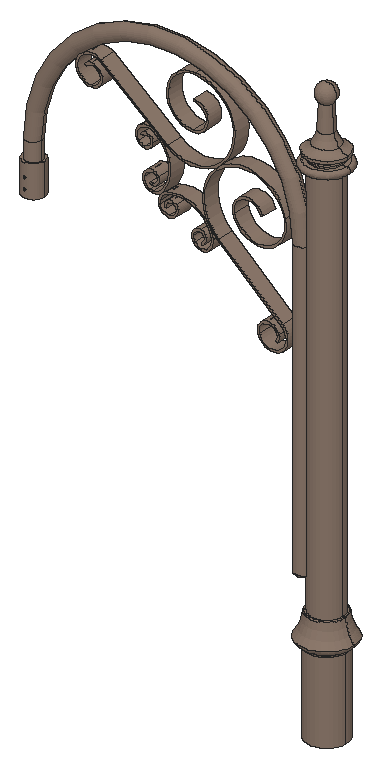
Revit family "PA191", category Generic Models, Revit 2014
Parameters
  TOP CAP = Bronze, Architectural
  SCROLL = Bronze, Architectural
  OUTLET = Bronze, Architectural
  LOWER CROWN = Bronze, Architectural
  END CAP = Bronze, Architectural
  CANDY CANE = Bronze, Architectural
  BODY = Bronze, Architectural
  BASE = Bronze, Architectural
Reference planes (in)
  plane 1 "Center (Front/Back)": y = 0
  plane 2: z = 0
  plane 3 "Center (Left/Right)": x = 0
  plane 4: y = 0.75
  plane 5: y = -0.75
Forms (in)
  Revolve 1, solid, material "Bronze, Architectural" <- "BASE"
    sketch origin (0, 0, 3.5) x (1, 0, 0) y (0, 0, 1)
      loop
        line (-1.9375, 4.5) -> (-1.9375, 4.3125)
        arc (-1.9375, 4.3125) -> (-1.91919, 4.26831) -> (-1.875, 4.25) r 0.0625
        arc (-1.875, 4.25) -> (-1.83081, 4.23169) -> (-1.8125, 4.1875) r 0.0625
        line (-1.8125, 4.1875) -> (-1.8125, -3.5002) -> (0, -3.5002) -> (0, 4.5) -> (-1.9375, 4.5)
      axis (0, 4.5) -> (0, -3.5002)
    angle from 0 to 360
  Revolve 2, solid, material "Bronze, Architectural" <- "LOWER CROWN"
    sketch origin (0, 0, 3.5) x (1, 0, 0) y (0, 0, 1)
      loop
        arc (-1.69079, 7.125) -> (-1.73224, 7.10932) -> (-1.75293, 7.07014) r 0.06263
        arc (-1.75293, 7.07014) -> (-1.99287, 5.97282) -> (-2.5544, 5) r 3.65854
        arc (-2.5544, 5) -> (-2.33454, 4.6407) -> (-1.9375, 4.5) r 0.63056
        line (-1.9375, 4.5) -> (0, 4.5) -> (0, 5) -> (0, 7.125) -> (-1.69079, 7.125)
      axis (0, 7.125) -> (0, 4.5)
    angle from 0 to 360
  Revolve 3, solid, material "Bronze, Architectural" <- "BODY"
    sketch origin (0, 0, 3.5) x (1, 0, 0) y (0, 0, 1)
      loop
        line (0, 44.41965) -> (-1.5, 44.41965) -> (-1.5, 7.125) -> (0, 7.125) -> (0, 44.41965)
      axis (0, 7.125) -> (0, 44.41965)
    angle from 0 to 360
  Revolve 4, solid, material "Bronze, Architectural" <- "TOP CAP"
    sketch origin (0, 0, 3.5) x (1, 0, 0) y (0, 0, 1)
      loop
        line (0, 44.41965) -> (0, 45.29465) -> (-1.325, 45.29465)
        arc (-1.325, 45.29465) -> (-1.41339, 45.25803) -> (-1.45, 45.16965) r 0.125
        line (-1.45, 45.16965) -> (-1.45, 45.04465) -> (-1.875, 45.04465)
        arc (-1.875, 45.04465) -> (-2.1875, 44.73215) -> (-1.875, 44.41965) r 0.3125
        line (-1.875, 44.41965) -> (0, 44.41965)
      axis (0, 45.29465) -> (0, 44.41965)
    angle from 0 to 360
  Revolve 5, solid, material "Bronze, Architectural" <- "TOP CAP"
    sketch origin (0, 0, 3.5) x (1, 0, 0) y (0, 0, 1)
      loop
        line (0, 45.66965) -> (-1.9375, 45.66965)
        arc (-1.9375, 45.66965) -> (-1.57841, 45.56845) -> (-1.325, 45.29465) r 0.68771
        line (-1.325, 45.29465) -> (0, 45.29465) -> (0, 45.66965)
      axis (0, 45.66965) -> (0, 45.29465)
    angle from 0 to 360
  Revolve 6, solid, material "Bronze, Architectural" <- "TOP CAP"
    sketch origin (0, 0, 3.5) x (1, 0, 0) y (0, 0, 1)
      loop
        arc (-0.5625, 49.91965) -> (-0.58584, 48.71191) -> (-0.70412, 47.50975) r 15.34389
        arc (-0.70412, 47.50975) -> (-0.88992, 46.94574) -> (-1.16656, 46.4203) r 3.57294
        arc (-1.16656, 46.4203) -> (-1.49776, 46.0864) -> (-1.9375, 45.91965) r 1.10976
        line (-1.9375, 45.91965) -> (-1.9375, 45.66965) -> (0, 45.66965) -> (0, 49.91965) -> (-0.5625, 49.91965)
      axis (0, 49.91965) -> (0, 45.66965)
    angle from 0 to 360
  Revolve 7, solid, material "Bronze, Architectural" <- "TOP CAP"
    sketch origin (0, 0, 3.5) x (1, 0, 0) y (0, 0, 1)
      loop
        arc (0, 51.52221) -> (-0.90282, 50.61939) -> (0, 49.71656) r 0.90282
        line (0, 49.71656) -> (0, 51.52221)
      axis (0, 51.52221) -> (0, 49.71656)
    angle from 0 to 360
  Revolve 8, solid, material "Bronze, Architectural" <- "END CAP"
    sketch origin (0, 0, 3.5) x (1, 0, 0) y (0, 0, 1)
      loop
        arc (-3, 9.59631) -> (-2.67291, 9.30889) -> (-2.25, 9.20526) r 0.91474
        line (-2.25, 9.20526) -> (-2.25, 9.59631) -> (-3, 9.59631)
      axis (-2.25, 9.59631) -> (-2.25, 9.20526)
    angle from 0 to 360
  Revolve 9, solid, material "Bronze, Architectural" <- "CANDY CANE"
    sketch origin (0, 0, 3.5) x (1, 0, 0) y (0, 0, 1)
      loop
        line (-2.25, 37.23215) -> (-3, 37.23215) -> (-3, 9.59631) -> (-2.25, 9.59631) -> (-2.25, 37.23215)
      axis (-2.25, 9.59631) -> (-2.25, 37.23215)
    angle from 0 to 360
  Revolve 10, solid, material "Bronze, Architectural" <- "CANDY CANE"
    sketch origin (0, 0, 3.5) x (1, 0, 0) y (0, 0, 1)
      loop
        line (-27.5, 37.23215) -> (-28.25, 37.23215) -> (-28.25, 35.52466) -> (-27.5, 35.52466) -> (-27.5, 37.23215)
      axis (-27.5, 35.52466) -> (-27.5, 37.23215)
    angle from 0 to 360
  SweptBlend 11, solid, material "Bronze, Architectural" <- "CANDY CANE"
    path origin (0, 0, 3.5) x (1, 0, 0) y (0, 0, 1)
      loop
        arc (-2.25, 37.23215) -> (-14.875, 49.85715) -> (-27.5, 37.23215) r 12.625
    profile origin (-2.25, 0, 40.73215) x (-1, 0, 0) y (0, -1, 0)
      loop
        circle (0, 0) r 0.75
    end profile origin (-27.5, 0, 40.73215) x (0, -1, 0) y (1, 0, 0)
      loop
        circle (0, 0) r 0.75
  Extrusion 12, solid, material "Bronze, Architectural" <- "SCROLL"
    sketch origin (0, 0, 3.5) x (1, 0, 0) y (0, 0, 1)
      loop
        arc (-4.00957, 28.49259) -> (-3.85709, 28.82237) -> (-3.86226, 29.18567) r 0.81903
        arc (-3.86226, 29.18567) -> (-5.11253, 29.94793) -> (-5.8748, 28.69766) r 1.03543
        arc (-5.8748, 28.69766) -> (-3.67797, 27.81127) -> (-3.54653, 30.17653) r 1.45678
        line (-3.54653, 30.17653) -> (-9.52034, 35.34725)
        arc (-9.52034, 35.34725) -> (-9.0589, 41.46419) -> (-3.37702, 39.15203) r 3.79533
        arc (-3.37702, 39.15203) -> (-5.10999, 36.27446) -> (-7.98756, 38.00743) r 2.37525
        arc (-7.98756, 38.00743) -> (-7.08957, 39.49854) -> (-5.59845, 38.60054) r 1.23081
        line (-5.59845, 38.60054) -> (-5.41648, 38.64572)
        arc (-5.41648, 38.64572) -> (-7.13474, 39.68051) -> (-8.16954, 37.96225) r 1.41831
        arc (-8.16954, 37.96225) -> (-5.06481, 36.09248) -> (-3.19505, 39.19721) r 2.56275
        arc (-3.19505, 39.19721) -> (-9.15695, 41.624) -> (-9.64305, 35.20548) r 3.98283
        line (-9.64305, 35.20548) -> (-3.59305, 29.96881)
        arc (-3.59305, 29.96881) -> (-3.81692, 27.94786) -> (-5.6912, 28.7362) r 1.26891
        arc (-5.6912, 28.7362) -> (-5.07255, 29.76345) -> (-4.04529, 29.14481) r 0.84793
        arc (-4.04529, 29.14481) -> (-4.04013, 28.86303) -> (-4.15807, 28.60707) r 0.6315
        line (-4.15807, 28.60707) -> (-4.00957, 28.49259)
    from -0.75 to 0.75
  Extrusion 13, solid, material "Bronze, Architectural" <- "SCROLL"
    sketch origin (0, 0, 3.5) x (1, 0, 0) y (0, 0, 1)
      loop
        arc (-11.09205, 34.25249) -> (-10.67563, 34.89508) -> (-11.18598, 35.46594) r 0.63078
        arc (-11.18598, 35.46594) -> (-11.73486, 35.35343) -> (-12.04479, 34.88666) r 0.73466
        arc (-12.04479, 34.88666) -> (-12.0486, 34.51288) -> (-11.91718, 34.16294) r 1.01755
        arc (-11.91718, 34.16294) -> (-11.35858, 33.78975) -> (-10.68684, 33.7976) r 1.1354
        arc (-10.68684, 33.7976) -> (-10.5156, 33.89871) -> (-10.36653, 34.03032) r 1.04891
        arc (-10.36653, 34.03032) -> (-10.08043, 34.50532) -> (-10.01344, 35.05576) r 1.32691
        arc (-10.01344, 35.05576) -> (-11.65656, 37.29981) -> (-14.42646, 37.55135) r 3.37941
        arc (-14.42646, 37.55135) -> (-15.00716, 37.05177) -> (-15.19013, 36.30792) r 1.25717
        arc (-15.19013, 36.30792) -> (-14.84616, 35.72115) -> (-14.22665, 35.44039) r 1.12343
        arc (-14.22665, 35.44039) -> (-13.85973, 35.51464) -> (-13.54422, 35.71611) r 1.02124
        arc (-13.54422, 35.71611) -> (-13.31231, 36.22643) -> (-13.50806, 36.75169) r 0.73427
        arc (-13.50806, 36.75169) -> (-14.26656, 36.87945) -> (-14.58478, 36.17918) r 0.63088
        line (-14.58478, 36.17918) -> (-14.40353, 36.22775)
        arc (-14.40353, 36.22775) -> (-14.17116, 36.71918) -> (-13.63755, 36.61535) r 0.44295
        arc (-13.63755, 36.61535) -> (-13.50214, 36.2236) -> (-13.67776, 35.84815) r 0.55161
        arc (-13.67776, 35.84815) -> (-13.93972, 35.6849) -> (-14.24362, 35.63094) r 0.81381
        arc (-14.24362, 35.63094) -> (-14.7265, 35.86706) -> (-15.01768, 36.31886) r 1.00126
        arc (-15.01768, 36.31886) -> (-15.00876, 36.48364) -> (-14.97642, 36.64546) r 1.15427
        arc (-14.97642, 36.64546) -> (-14.76063, 37.06536) -> (-14.39477, 37.36374) r 1.15427
        arc (-14.39477, 37.36374) -> (-11.77098, 37.14965) -> (-10.19903, 35.038) r 3.19421
        arc (-10.19903, 35.038) -> (-10.32051, 34.41589) -> (-10.76834, 33.96729) r 1.08706
        arc (-10.76834, 33.96729) -> (-11.29727, 33.96717) -> (-11.74577, 34.24757) r 0.95873
        arc (-11.74577, 34.24757) -> (-11.86025, 34.53526) -> (-11.86187, 34.84488) r 0.83388
        arc (-11.86187, 34.84488) -> (-11.63042, 35.19859) -> (-11.21576, 35.28069) r 0.5454
        arc (-11.21576, 35.28069) -> (-10.86262, 34.8773) -> (-11.15618, 34.42868) r 0.44338
        line (-11.15618, 34.42868) -> (-11.09205, 34.25249)
    from -0.75 to 0.75
  Extrusion 14, solid, material "Bronze, Architectural" <- "SCROLL"
    sketch origin (0, 0, 3.5) x (1, 0, 0) y (0, 0, 1)
      loop
        arc (-16.66273, 41.50337) -> (-16.13671, 41.63714) -> (-15.87252, 41.16301) r 0.44508
        arc (-15.87252, 41.16301) -> (-16.07552, 40.81452) -> (-16.46276, 40.70186) r 0.5435
        arc (-16.46276, 40.70186) -> (-16.76768, 40.7938) -> (-17.01441, 40.99518) r 0.81828
        arc (-17.01441, 40.99518) -> (-17.14567, 41.51383) -> (-16.97855, 42.02206) r 0.95873
        arc (-16.97855, 42.02206) -> (-16.86156, 42.12432) -> (-16.72815, 42.20399) r 0.86503
        arc (-16.72815, 42.20399) -> (-16.29141, 42.3157) -> (-15.84538, 42.25025) r 1.14562
        arc (-15.84538, 42.25025) -> (-14.2623, 40.12239) -> (-14.84303, 37.5346) r 3.17969
        arc (-14.84303, 37.5346) -> (-15.23438, 37.27317) -> (-15.69751, 37.18937) r 1.1562
        arc (-15.69751, 37.18937) -> (-15.85765, 37.2083) -> (-16.01166, 37.25614) r 0.88012
        arc (-16.01166, 37.25614) -> (-16.37627, 37.66305) -> (-16.45361, 38.20391) r 0.94181
        arc (-16.45361, 38.20391) -> (-16.3085, 38.47114) -> (-16.07728, 38.66864) r 0.8346
        arc (-16.07728, 38.66864) -> (-15.66157, 38.72339) -> (-15.32894, 38.46812) r 0.54776
        arc (-15.32894, 38.46812) -> (-15.39943, 37.93294) -> (-15.9346, 37.86245) r 0.44339
        line (-15.9346, 37.86245) -> (-16.02835, 37.70007)
        arc (-16.02835, 37.70007) -> (-15.27297, 37.79058) -> (-15.15572, 38.54227) r 0.62987
        arc (-15.15572, 38.54227) -> (-15.60077, 38.90083) -> (-16.1682, 38.83259) r 0.73566
        arc (-16.1682, 38.83259) -> (-16.44736, 38.59952) -> (-16.62842, 38.28413) r 1.03259
        arc (-16.62842, 38.28413) -> (-16.55979, 37.6183) -> (-16.12851, 37.10642) r 1.13718
        arc (-16.12851, 37.10642) -> (-15.92494, 37.03228) -> (-15.7104, 37.00218) r 1.03408
        arc (-15.7104, 37.00218) -> (-15.16337, 37.09876) -> (-14.70277, 37.40928) r 1.33731
        arc (-14.70277, 37.40928) -> (-14.06968, 40.11006) -> (-15.6684, 42.37701) r 3.38451
        arc (-15.6684, 42.37701) -> (-16.23469, 42.50227) -> (-16.80098, 42.37701) r 1.34267
        arc (-16.80098, 42.37701) -> (-16.97951, 42.26985) -> (-17.13172, 42.12778) r 0.99153
        arc (-17.13172, 42.12778) -> (-17.33358, 41.50057) -> (-17.15373, 40.86669) r 1.13718
        arc (-17.15373, 40.86669) -> (-16.85769, 40.62984) -> (-16.49579, 40.51686) r 1.02464
        arc (-16.49579, 40.51686) -> (-15.95031, 40.67494) -> (-15.68228, 41.17563) r 0.7316
        arc (-15.68228, 41.17563) -> (-16.08435, 41.82313) -> (-16.81641, 41.61098) r 0.63088
        line (-16.81641, 41.61098) -> (-16.66273, 41.50337)
    from -0.75 to 0.75
  Extrusion 15, solid, material "Bronze, Architectural" <- "SCROLL"
    sketch origin (0, 0, 3.5) x (1, 0, 0) y (0, 0, 1)
      loop
        line (-11.84923, 46.24141) -> (-11.84923, 46.05512)
        arc (-11.84923, 46.05512) -> (-10.68656, 44.75529) -> (-11.98941, 43.596) r 1.23156
        arc (-11.98941, 43.596) -> (-14.23245, 46.1198) -> (-11.68582, 48.33687) r 2.37541
        arc (-11.68582, 48.33687) -> (-8.38512, 43.18917) -> (-14.2825, 41.57229) r 3.79533
        line (-14.2825, 41.57229) -> (-20.62266, 46.49896)
        arc (-20.62266, 46.49896) -> (-22.84004, 45.75382) -> (-21.48413, 43.84765) r 1.45641
        arc (-21.48413, 43.84765) -> (-20.43225, 44.86654) -> (-21.45115, 45.91841) r 1.03551
        arc (-21.45115, 45.91841) -> (-21.79749, 45.84767) -> (-22.08182, 45.63762) r 0.81944
        line (-22.08182, 45.63762) -> (-21.94031, 45.51461)
        arc (-21.94031, 45.51461) -> (-21.7171, 45.67884) -> (-21.44486, 45.73066) r 0.62618
        arc (-21.44486, 45.73066) -> (-20.62688, 44.86318) -> (-21.48498, 44.03538) r 0.84793
        arc (-21.48498, 44.03538) -> (-22.66171, 45.69597) -> (-20.73365, 46.34775) r 1.26885
        line (-20.73365, 46.34775) -> (-14.41998, 41.44167)
        arc (-14.41998, 41.44167) -> (-8.21014, 43.12182) -> (-11.70071, 48.52562) r 3.98295
        arc (-11.70071, 48.52562) -> (-14.42046, 46.11638) -> (-11.99769, 43.40868) r 2.56281
        arc (-11.99769, 43.40868) -> (-10.49912, 44.7504) -> (-11.84923, 46.24141) r 1.41833
    from -0.75 to 0.75
  Revolve 16, solid, material "Bronze, Architectural" <- "OUTLET"
    sketch origin (0, 0, 0) x (1, 0, 0) y (0, 0, 1)
      loop
        line (-27.5, 39.02565) -> (-28.5, 39.02565) -> (-28.5, 36.02565) -> (-27.5, 36.02565) -> (-27.5, 39.02565)
      axis (-27.5, 36.02565) -> (-27.5, 39.02565)
    angle from 0 to 360
  Revolve 17, void
    sketch origin (0, 0, 0) x (1, 0, 0) y (0, 0, 1)
      loop
        line (0, 10.06431) -> (-1.375, 10.06431) -> (-1.375, -0.0002) -> (0, -0.0002) -> (0, 10.06431)
      axis (0, -0.0002) -> (0, 10.06431)
    angle from 0 to 360
  Revolve 18, void
    sketch origin (0, 0, 0) x (1, 0, 0) y (0, 0, 1)
      loop
        line (-27.5, 38.84111) -> (-28.375, 38.84111) -> (-28.375, 36.02565) -> (-27.5, 36.02565) -> (-27.5, 38.84111)
      axis (-27.5, 36.02565) -> (-27.5, 38.84111)
    angle from 0 to 360
  Extrusion 19, void
    sketch origin (0, 0, 0) x (1, 0, 0) y (0, 0, 1)
      loop
        circle (-27.5, 37.77565) r 0.125
      loop
        circle (-27.5, 36.77565) r 0.125
    from -1.02558 to 1.02563
Cuts and joins
  Revolve 17 cuts Revolve 1
  Revolve 18, Extrusion 19 cuts Revolve 16
Dimensions and locks (in)
  aligned and locked: plane 2 to level
